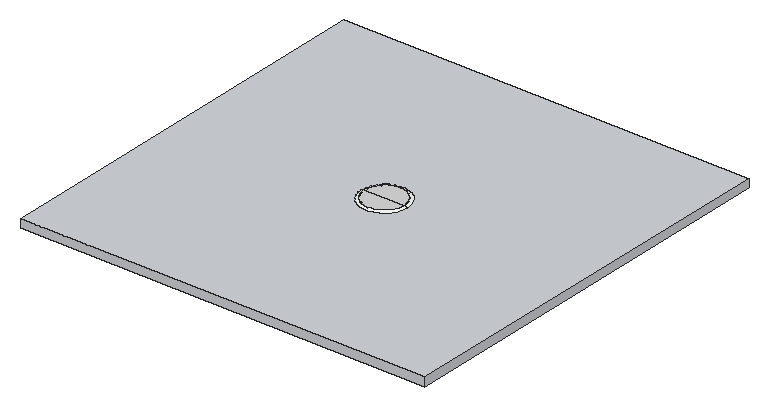
Revit family "Loudspeaker-Ceiling Mounted-Q-SYS-AD-6CT-High Power", category Communication Devices, host Face, Revit 2020
Family settings
  Host = Face
  Maintain Annotation Orientation = No
  Round Connector Dimension = Use Diameter
  Part Type = Normal
  OmniClass Number = 23.85.10.11.14.14.14
  OmniClass Title = Loudspeakers
  Cut with Voids When Loaded = No
  Shared = No
  Room Calculation Point = No
Parameters (values of type "White")
  Weight = 13.382 lbm
  Part Number = "AD-6CT"
  OmniClass Number = "23.85.10.11.14.14.14"
  Length 15 = 5.750"
  Length 11 = 0.57501"
  Length 10 = Length 7 * cos(Taper Angle)  # 0.99863"
  Length 9 = 0.59495"
  Length 8 = 0.76842"
  Length 7 = 1.000"
  Width = Grille Diameter  # 11.040"
  Weight Product = 6.07
  Weight Dimensional = 16.48
  Visibility 3 [instance] = Adjustable Tile Bridge  # no
  Visibility 2 [instance] = yes
  Unit Size = 16.2
  URL = "https://www.qsys.com"
  Type Comments = "White"
  Taper Angle = 3.00°
  Sustainability Rating = "n/a"
  Support Width = 25.300"
  Support Offset [instance] = 3.000"
  Support Material = Metal - Q-SYS - Steel
  Support Length = 25.570"
  Support Height [instance] = 1.260"  # constant formula
  Speaker Offset Label [instance] = Speaker Offset  # 0.000"
  Speaker Offset [instance] = 0.000"
  Sensitivity = 90
  SPL Max = 116
  Round Grille [instance] = 1 > 0  # yes
  Regulatory Compliance = "CE"
  Rail Width = 0.875"
  Product Page URL = "https://www.qsys.com/products-solutions/loudspeakers/installed/passive/ceiling-mount/acousticdesign-series/ad-c6t-hp/"
  Product Documentation Link = "https://www.qsys.com/resource-files/productresources/spk/ad/ad-c6t-hp/q_spk_adc_c6t_hp_specsheet.pdf"
  Number of Bands = 1  # constant formula
  Model = "AD-C6T"
  Manufacturer URL = "https://www.qsys.com"
  Length 6 [instance] = Support Height  # 1.260"
  Impedance = 16
  IQ Category = "Loudspeaker"
  Height [instance] = Grille Height + Body Height + Clip Height  # 9.200"
  Grille Radius = Grille Diameter / 2  # 5.520"
  Offset = 0.000"
  Manufacturer = "Q-SYS"
  Length 4 = ATB Inside Radius + 0.800"  # 6.800"
  Length 3 [instance] = if(Speaker Offset < 0.000", 40.000" - abs(Speaker Offset Label), 40.000" + Speaker Offset Label)  # 40.000"
  Length 2 = 6.500"  # constant formula
  Length 1 = Body Diameter / 2 - 0.250"  # 4.450"
  Highlight Material = Fabric - Q-SYS - White Mesh
  Grille Height = 0.200"
  Grille Diameter = 11.040"
  Frequency Range = "58 Hz - 20 kHz"
  Description = "Ceiling-mount loudspeaker for higher SPL at standard ceiling heights"
  Default Elevation = 48.000"
  Coverage Vertical = 120.00°
  Coverage Horizontal = 120.00°
  Cover Radius = Cover Diameter / 2  # 4.750"
  Cover Material = Paint - Q-SYS - White
  Cover Diameter = 9.500"
  Clip Radius = Clip Diameter / 2  # 0.150"
  Clip Height = 0.400"
  Clip Diameter = 0.300"
  Body Radius = Body Diameter / 2  # 4.700"
  Body Material = Paint - Q-SYS - Black
  Body Height = 8.600"
  Body Diameter = 9.400"
  Assembly Code = "E1020300"
  Adjustable Tile Bridge [instance] = no
  ATB Inside Radius = ATB Inside Diameter / 2  # 6.000"
  ATB Inside Diameter = 12.000"
  70V Taps = "7.5 W, 15 W, 30 W, 60 W"
  100V Taps = "15 W, 30 W, 60 W"
Reference planes (in)
  plane 1 "Center (Front/Back)": y = 0
  plane 2: z = 0
  plane 3 "Center (Left/Right)": x = 0
  plane 4 "Left": x = -5.52
  plane 5 "Right": x = 5.52
  plane 6 "Front": y = -5.52
  plane 7 "Back": y = 5.52
  plane 8 "Bottom": z = 0.2
  plane 9 "Top": z = -9
  plane 10 "body left": x = -4.7
  plane 11 "body right": x = 4.7
  plane 12 "body front": y = -4.7
  plane 13 "body back": y = 4.7
  plane 14 "plate top": z = 0
  plane 15 "body top": z = -8.6
  plane 16: z = -0.75
  plane 17 "Speaker CL": x = 0
  plane 18 "pivot": x = -40
  plane 19 "support bottom": z = -3
  plane 20 "support top": z = -4.26
  plane 21 "support back": y = 12.65
  plane 22 "support back inside": y = 11.775
  plane 23 "support front": y = -12.65
  plane 24 "support front inside": y = -11.775
  plane 25 "support left": x = -12.785
  plane 26 "support right": x = 12.785
  plane 27: z = -3.1
  plane 28: x = 0
  plane 29 "2d bottom": z = 0.1
  plane 30: z = -3.2
Forms (in)
  Extrusion 1, solid
    sketch origin (0, 0, 0) x (1, 0, 0) y (0, 1, 0)
      loop
        line (-48, 48) -> (-48, -48) -> (48, -48) -> (48, 48) -> (-48, 48)
    from 0 to -2
  Revolve 2, solid, material "Paint - Q-SYS - Black" <- "Body Material", visible <- "Visibility 2", detail levels medium+fine
    sketch origin (0, 0, 0) x (1, 0, 0) y (0, 0, 1)
      loop
        line (0, -8.6) -> (0, 0) -> (-4.7, 0) -> (-4.7, -8.6) -> (0, -8.6)
      axis (0, 0) -> (0, -8.6)
    angle from 0 to 360
  Extrusion 3, solid, material "Paint - Q-SYS - Black" <- "Body Material", visible <- "Visibility 2", detail levels fine
    sketch origin (0, 0, 0) x (1, 0, 0) y (0, 0, 1)
      loop
        arc (-0.15, -8.85) -> (0, -9) -> (0.15, -8.85) r 0.15
        line (0.15, -8.85) -> (0.15, -8.6) -> (-0.15, -8.6) -> (-0.15, -8.85)
    from -3.66 to -3.71
  Extrusion 4, void
    sketch origin (0, 0, 0) x (1, 0, 0) y (0, 1, 0)
      loop
        line (-6.5, 3.71) -> (0, -7.54833) -> (6.5, 3.71) -> (-6.5, 3.71)
      loop
        circle (0, 0) r 9.4
    from -8.6 to 0
  Extrusion 5, solid, material "Metal - Q-SYS - Steel" <- "Support Material", visible <- "Adjustable Tile Bridge", detail levels medium+fine
    sketch origin (0, 0, 0) x (0, 1, 0) y (0, 0, 1)
      loop
        line (-12.65, -3) -> (-12.65, -4.26) -> (-12.55, -4.26) -> (-12.55, -3.1) -> (-11.775, -3.1) -> (-11.775, -3) -> (-12.65, -3)
      loop
        line (12.65, -3) -> (11.775, -3) -> (11.775, -3.1) -> (12.55, -3.1) -> (12.55, -4.26) -> (12.65, -4.26) -> (12.65, -3)
    from -12.785 to 12.785
  Extrusion 6, solid, material "Metal - Q-SYS - Steel" <- "Support Material", visible <- "Adjustable Tile Bridge", detail levels medium+fine
    sketch origin (0, 0, -3) x (0, 1, 0) y (-1, 0, 0)
      loop
        circle (0, 0) r 6
      loop
        arc (6.72607, 1) -> (0, 6.8) -> (-6.72607, 1) r 6.8
        line (-6.72607, 1) -> (-12.55, 1) -> (-12.55, -1) -> (-6.72607, -1)
        arc (-6.72607, -1) -> (0, -6.8) -> (6.72607, -1) r 6.8
        line (6.72607, -1) -> (12.55, -1) -> (12.55, 1) -> (6.72607, 1)
    from -0.2 to -0.1
  Extrusion 7, solid, material "Metal - Q-SYS - Steel" <- "Support Material", visible <- "Adjustable Tile Bridge", detail levels fine
    sketch origin (0, 0, -3) x (0, 1, 0) y (-1, 0, 0)
      loop
        line (12.55, 1) -> (12.45, 1) -> (12.45, -1) -> (12.55, -1) -> (12.55, 1)
      loop
        line (-12.45, 1) -> (-12.55, 1) -> (-12.55, -1) -> (-12.45, -1) -> (-12.45, 1)
    from -1.26 to -0.2
  Extrusion 8, void
    sketch origin (0, 0, -3) x (0, 1, 0) y (-1, 0, 0)
      loop
        circle (0, 0) r 4.7
    from -6 to 3.2
  Revolve 9, solid, material "Paint - Q-SYS - White" <- "Cover Material", visible <- "Round Grille", detail levels medium+fine
    sketch origin (0, 0, 0) x (1, 0, 0) y (0, 0, 1)
      loop
        line (0, 0.2) -> (-4.75, 0.2) -> (-5.52, 0) -> (0, 0) -> (0, 0.2)
      axis (0, 0.2) -> (0, 0)
    angle from 0 to 360
  Revolve 10, solid, detail levels coarse
    sketch origin (0, 0, 0) x (1, 0, 0) y (0, 0, 1)
      loop
        line (-4.75, 0.2) -> (-5.52, 0) -> (-4.7, 0) -> (-4.7, -9) -> (0, -9) -> (0, 0.2) -> (-4.75, 0.2)
      axis (0, 0.2) -> (0, -9)
    angle from 0 to 360
Cuts and joins
  Extrusion 4 cuts Revolve 2
Lines and regions (in)
  Masking region 1, visible <- "Round Grille", detail levels medium+fine
    outline origin (0, 0, 0.1) x (-1, 0, 0) y (0, -1, 0)
      loop
        circle (0, 0) r 5.52
  Masking region 2, visible <- "Adjustable Tile Bridge", detail levels medium+fine
    outline origin (0, 0, -4.26) x (0, 1, 0) y (-1, 0, 0)
      loop
        arc (6.72607, 1) -> (0, 6.8) -> (-6.72607, 1) r 6.8
        line (-6.72607, 1) -> (-12.55, 1) -> (-12.55, -1) -> (-6.72607, -1)
        arc (-6.72607, -1) -> (0, -6.8) -> (6.72607, -1) r 6.8
        line (6.72607, -1) -> (12.55, -1) -> (12.55, 1) -> (6.72607, 1)
      loop
        circle (0, 0) r 6
  Masking region 3, detail levels medium+fine
    outline origin (0, 0, -8.6) x (-1, 0, 0) y (0, -1, 0)
      loop
        circle (0, 0) r 4.7
  Masking region 4, visible <- "Adjustable Tile Bridge", detail levels medium+fine
    outline origin (0, 0, -3) x (0, 1, 0) y (-1, 0, 0)
      loop
        line (12.65, 12.785) -> (11.775, 12.785) -> (11.775, -12.785) -> (12.65, -12.785) -> (12.65, 12.785)
      loop
        line (-11.775, 12.785) -> (-12.65, 12.785) -> (-12.65, -12.785) -> (-11.775, -12.785) -> (-11.775, 12.785)
  Masking region 5
    outline origin (0, 0, 0) x (1, 0, 0) y (0, 0, 1)
      loop
        line (-4.75, 0.2) -> (-5.52, 0) -> (-4.7, 0) -> (-4.7, -8.6) -> (4.7, -8.6) -> (4.7, 0) -> (5.52, 0) -> (4.75, 0.2) -> (-4.75, 0.2)
  Masking region 6, visible <- "Visibility 2", detail levels fine
    outline origin (0, 0, 0) x (1, 0, 0) y (0, 0, 1)
      loop
        line (0.15, -8.85) -> (0.15, -8.6) -> (-0.15, -8.6) -> (-0.15, -8.85)
        arc (-0.15, -8.85) -> (0, -9) -> (0.15, -8.85) r 0.15
  Masking region 7, visible <- "Visibility 3", detail levels medium+fine
    outline origin (0, 0, 0) x (1, 0, 0) y (0, 0, 1)
      loop
        line (-12.785, -3) -> (-12.785, -4.26) -> (12.785, -4.26) -> (12.785, -3) -> (-12.785, -3)
  Masking region 8
    outline origin (0, 0, 0) x (0, 1, 0) y (0, 0, 1)
      loop
        line (4.75, 0.2) -> (-4.75, 0.2) -> (-5.52, 0) -> (-4.7, 0) -> (-4.7, -8.6) -> (3.71, -8.6) -> (3.71, 0) -> (5.52, 0) -> (4.75, 0.2)
  Masking region 9, visible <- "Adjustable Tile Bridge", detail levels medium+fine
    outline origin (0, 0, 0) x (0, 1, 0) y (0, 0, 1)
      loop
        line (12.65, -3) -> (11.775, -3) -> (11.775, -3.1) -> (-11.775, -3.1) -> (-11.775, -3) -> (-12.65, -3) -> (-12.65, -4.26) -> (-12.45, -4.26) -> (-12.45, -3.2) -> (12.45, -3.2) -> (12.45, -4.26) -> (12.65, -4.26) -> (12.65, -3)
  Masking region 10, visible <- "Visibility 2", detail levels fine
    outline origin (0, 0, 0) x (0, 1, 0) y (0, 0, 1)
      loop
        line (3.66, -8.6) -> (3.66, -9) -> (3.71, -9) -> (3.71, -8.6) -> (3.66, -8.6)
  symbolic lines, style "Outline", visible <- "Round Grille", detail levels medium+fine
    curve 1: circle (0, 0, 0.2) r 4.75 normal (0, 0, 1)
  symbolic lines, style "Support", visible <- "Adjustable Tile Bridge", detail levels medium+fine
    curve 2: line (-12.785, -12.55, -8.6) -> (12.785, -12.55, -8.6)
    curve 3: line (-12.785, 12.55, -8.6) -> (12.785, 12.55, -8.6)
    curve 10: line (-12.785, 0, -3.1) -> (12.785, 0, -3.1)
    curve 13: line (0, 11.775, -3.1) -> (0, 12.55, -3.1)
    curve 14: line (0, 12.55, -3.1) -> (0, 12.55, -4.26)
    curve 15: line (0, -12.55, -4.26) -> (0, -12.55, -3.1)
    curve 16: line (0, -12.55, -3.1) -> (0, -11.775, -3.1)
  symbolic lines, style "Support", visible <- "Adjustable Tile Bridge", detail levels fine
    curve 4: line (-1, 12.45, -8.6) -> (1, 12.45, -8.6)
    curve 5: line (-1, -12.45, -8.6) -> (1, -12.45, -8.6)
  symbolic lines, style "Detail", visible <- "Visibility 2", detail levels fine
    curve 6: line (0.15, 3.71, -9) -> (0.15, 3.66, -9)
    curve 7: line (0.15, 3.66, -9) -> (-0.15, 3.66, -9)
    curve 8: line (-0.15, 3.66, -9) -> (-0.15, 3.71, -9)
    curve 9: line (-0.15, 3.71, -9) -> (0.15, 3.71, -9)
  symbolic lines, style "Support", visible <- "Adjustable Tile Bridge"
    curve 11: line (0, 6.72607, -3.1) -> (0, 6.72607, -3.2)
    curve 12: line (0, -6.72607, -3.2) -> (0, -6.72607, -3.1)
    curve 25: line (0, 5.82, -3.1) -> (0, 5.82, -3.2)
    curve 26: line (0, -5.82, -3.2) -> (0, -5.82, -3.1)
  symbolic lines, style "Outline", detail levels medium+fine
    curve 17: line (4.66903, 0.53867, -9) -> (1.86802, -4.31283, -9)
    curve 18: line (-2.88546, 3.71, -9) -> (2.88546, 3.71, -9)
    curve 19: line (-1.86802, -4.31283, -9) -> (-4.66903, 0.53867, -9)
    curve 20: line (-1.86802, -4.7, 0) -> (-1.86802, -4.7, -8.6)
    curve 21: line (1.86802, -4.7, -8.6) -> (1.86802, -4.7, 0)
    curve 22: line (-2.88546, 4.7, 0) -> (-2.88546, 4.7, -8.6)
    curve 23: line (2.88546, 4.7, -8.6) -> (2.88546, 4.7, 0)
    curve 24: line (0, -4.31283, 0) -> (0, -4.31283, -8.6)
  symbolic lines, style "Outline"
    curve 27: line (-4.7, 0, 0) -> (4.7, 0, 0)
    curve 28: line (0, 3.71, 0) -> (0, -4.7, 0)
Dimensions and locks (in)
  equal spacing: plane 4 "Left", plane 17 "Speaker CL", plane 5 "Right"
  "Width": plane 4 "Left" to plane 5 "Right"
  equal spacing: plane 7 "Back", plane 1 "Center (Front/Back)", plane 6 "Front"
  "Width": plane 7 "Back" to plane 6 "Front"
  "Height": plane 8 "Bottom" to plane 9 "Top"
  equal spacing: plane 10 "body left", plane 17 "Speaker CL", plane 11 "body right"
  "Body Diameter": plane 10 "body left" to plane 11 "body right"
  equal spacing: plane 13 "body back", plane 1 "Center (Front/Back)", plane 12 "body front"
  "Body Diameter": plane 13 "body back" to plane 12 "body front"
  "Grille Height": plane 8 "Bottom" to plane 14 "plate top"
  "Body Height": plane 14 "plate top" to plane 15 "body top"
  "Clip Radius": Extrusion 3 sketch curve to plane 9 "Top"
  locked: plane 14 "plate top" to plane 16 at 0.75
  "Offset": plane 14 "plate top" to level
  locked: plane 18 "pivot" to plane 3 "Center (Left/Right)" at 40
  "Length 3": plane 18 "pivot" to plane 17 "Speaker CL"
  "Rail Width": plane 21 "support back" to plane 22 "support back inside"
  "Rail Width": plane 23 "support front" to plane 24 "support front inside"
  equal spacing: plane 21 "support back", plane 1 "Center (Front/Back)", plane 23 "support front"
  "Support Width": plane 21 "support back" to plane 23 "support front"
  equal spacing: plane 25 "support left", plane 3 "Center (Left/Right)", plane 26 "support right"
  "Support Length": plane 25 "support left" to plane 26 "support right"
  "Support Height": plane 19 "support bottom" to plane 20 "support top"
  equal spacing: Extrusion 6 sketch curve, plane 17 "Speaker CL", Extrusion 6 sketch curve
  locked: Extrusion 6 sketch curve to plane 17 "Speaker CL" at 1
  locked: Extrusion 7 sketch curve to Extrusion 7 sketch curve at 0.1  (x2)
  locked: Extrusion 7 sketch curve to plane 17 "Speaker CL" at 1
  plane 17 "Speaker CL" to Extrusion 7 sketch curve = 1.000"
  locked: plane 17 "Speaker CL" to Extrusion 7 sketch curve at 1
  "Support Offset": plane 14 "plate top" to plane 19 "support bottom"
  locked: plane 19 "support bottom" to plane 27 at 0.1
  "Cover Radius": Revolve 9 sketch curve to Revolve 9 sketch curve
  locked: plane 8 "Bottom" to plane 29 "2d bottom" at 0.1
  locked: curve 3 to plane 21 "support back" at 0.1
  locked: plane 23 "support front" to curve 2 at 0.1
  locked: curve 4 to Masking region 2 at 0.1
  locked: Masking region 2 to curve 5 at 0.1
  "Cover Radius": plane 17 "Speaker CL" to Masking region 5 sketch curve
  "Cover Radius": Masking region 5 sketch curve to plane 17 "Speaker CL"
  "Length 6": Masking region 7 sketch curve to Masking region 7 sketch curve
  "Cover Radius": plane 1 "Center (Front/Back)" to Masking region 8 sketch curve
  locked: Extrusion 5 sketch curve to Extrusion 5 sketch curve at 0.1  (x4)
  locked: plane 27 to plane 30 at 0.1
  locked: Extrusion 7 sketch curve to plane 21 "support back" at 0.1
  locked: Extrusion 7 sketch curve to plane 23 "support front" at 0.1
  locked: Extrusion 4 sketch curve to plane 13 "body back" at 0.99
  "Length 2": Extrusion 4 sketch curve to plane 17 "Speaker CL"
  "Length 2": plane 17 "Speaker CL" to Extrusion 4 sketch curve
  "Clip Radius": radius of Extrusion 3 sketch curve
  "ATB Inside Radius": radius of Extrusion 6 sketch curve
  "Length 4": radius of Extrusion 6 sketch curve
  "Body Radius": radius of Extrusion 8 sketch curve
  "Grille Radius": radius of Masking region 1 sketch curve
  "Cover Radius": radius of curve 1
  "Body Radius": radius of Masking region 3 sketch curve
  "Body Diameter": radius of Extrusion 4 sketch curve
  locked: Extrusion 4 sketch curve to Extrusion 4 sketch curve (angle 60.00°)  (x2)
  aligned and locked: plane 2 to Extrusion 1
  aligned and locked: level to Extrusion 1
  aligned and locked: plane 15 "body top" to Revolve 2 sketch curve
  aligned and locked: plane 15 "body top" to Extrusion 3 sketch curve
  aligned and locked: Extrusion 4 to plane 15 "body top"
  aligned and locked: Revolve 2 sketch curve to plane 17 "Speaker CL"
  aligned and locked: plane 17 "Speaker CL" to Extrusion 3 sketch curve
  aligned and locked: Extrusion 5 to plane 25 "support left"
  aligned and locked: plane 26 "support right" to Extrusion 5
  aligned and locked: plane 17 "Speaker CL" to Extrusion 6 sketch curve  (x2)
  aligned and locked: plane 1 "Center (Front/Back)" to Extrusion 6 sketch curve  (x2)
  aligned and locked: Extrusion 6 sketch curve to Extrusion 6 sketch curve  (x3)
  aligned and locked: plane 27 to Extrusion 6
  aligned and locked: Extrusion 7 sketch curve to Extrusion 7 sketch curve
  aligned and locked: Extrusion 7 to plane 20 "support top"
  aligned and locked: plane 17 "Speaker CL" to Extrusion 8 sketch curve
  aligned and locked: plane 1 "Center (Front/Back)" to Extrusion 8 sketch curve
  aligned and locked: Extrusion 8 to plane 9 "Top"
  aligned and locked: plane 8 "Bottom" to Extrusion 8
  aligned and locked: Revolve 2 sketch curve to Revolve 2 sketch curve
  aligned and locked: plane 10 "body left" to Revolve 2 sketch curve
  aligned and locked: Revolve 9 sketch curve to plane 17 "Speaker CL"
  aligned and locked: plane 8 "Bottom" to Revolve 9 sketch curve
  aligned and locked: plane 14 "plate top" to Revolve 9 sketch curve
  aligned and locked: Revolve 9 sketch curve to Revolve 9 sketch curve
  aligned and locked: plane 4 "Left" to Revolve 9 sketch curve
  aligned and locked: plane 17 "Speaker CL" to plane 28
  aligned and locked: plane 17 "Speaker CL" to Masking region 1 sketch curve
  aligned and locked: plane 1 "Center (Front/Back)" to Masking region 1 sketch curve
  aligned and locked: plane 17 "Speaker CL" to curve 1
  aligned and locked: plane 1 "Center (Front/Back)" to curve 1
  aligned and locked: Masking region 2 sketch curve to Extrusion 6  (x7)
  aligned and locked: Extrusion 6 to Masking region 2 sketch curve  (x2)
  aligned and locked: plane 17 "Speaker CL" to Masking region 3 sketch curve
  aligned and locked: plane 1 "Center (Front/Back)" to Masking region 3 sketch curve
  aligned and locked: plane 25 "support left" to curve 3
  aligned and locked: plane 25 "support left" to curve 2
  aligned and locked: plane 26 "support right" to curve 3
  aligned and locked: plane 26 "support right" to curve 2
  aligned and locked: Masking region 2 to curve 4
  aligned and locked: Masking region 2 to curve 5  (x2)
  aligned and locked: Masking region 4 sketch curve to Extrusion 5  (x4)
  aligned and locked: Extrusion 3 to curve 6
  aligned and locked: curve 7 to Extrusion 3
  aligned and locked: Extrusion 3 to curve 8
  aligned and locked: curve 9 to Extrusion 3
  aligned and locked: Masking region 5 sketch curve to plane 8 "Bottom"
  aligned and locked: plane 5 "Right" to Masking region 5 sketch curve
  aligned and locked: plane 4 "Left" to Masking region 5 sketch curve
  aligned and locked: plane 14 "plate top" to Masking region 5 sketch curve
  aligned and locked: Masking region 5 sketch curve to plane 14 "plate top"
  aligned and locked: plane 10 "body left" to Masking region 5 sketch curve
  aligned and locked: plane 11 "body right" to Masking region 5 sketch curve
  aligned and locked: Masking region 5 sketch curve to plane 15 "body top"
  aligned and locked: Masking region 6 sketch curve to Extrusion 3  (x3)
  aligned and locked: Masking region 7 sketch curve to plane 19 "support bottom"
  aligned and locked: plane 25 "support left" to Masking region 7 sketch curve
  aligned and locked: Masking region 7 sketch curve to plane 26 "support right"
  aligned and locked: Masking region 8 sketch curve to plane 8 "Bottom"
  aligned and locked: plane 14 "plate top" to Masking region 8 sketch curve
  aligned and locked: Masking region 8 sketch curve to plane 14 "plate top"
  aligned and locked: plane 12 "body front" to Masking region 8 sketch curve
  aligned and locked: plane 6 "Front" to Masking region 8 sketch curve
  aligned and locked: plane 7 "Back" to Masking region 8 sketch curve
  aligned and locked: Masking region 8 sketch curve to plane 15 "body top"
  aligned and locked: plane 19 "support bottom" to Masking region 9 sketch curve
  aligned and locked: plane 21 "support back" to Masking region 9 sketch curve
  aligned and locked: Masking region 9 sketch curve to plane 20 "support top"
  aligned and locked: plane 20 "support top" to Masking region 9 sketch curve
  aligned and locked: plane 23 "support front" to Masking region 9 sketch curve
  aligned and locked: Extrusion 6 to curve 11
  aligned and locked: Extrusion 6 to curve 12
  aligned and locked: Masking region 10 sketch curve to Extrusion 3  (x2)
  aligned and locked: plane 9 "Top" to Masking region 10 sketch curve
  aligned and locked: Masking region 10 sketch curve to plane 15 "body top"
  aligned and locked: plane 3 "Center (Left/Right)" to nested 1
  aligned and locked: plane 19 "support bottom" to Extrusion 5 sketch curve
  aligned and locked: plane 21 "support back" to Extrusion 5 sketch curve
  aligned and locked: Extrusion 5 sketch curve to plane 22 "support back inside"
  aligned and locked: plane 23 "support front" to Extrusion 5 sketch curve
  aligned and locked: Extrusion 5 sketch curve to plane 24 "support front inside"
  aligned and locked: Extrusion 6 to plane 30
  aligned and locked: plane 30 to Extrusion 7
  aligned and locked: Extrusion 6 sketch curve to Extrusion 7  (x2)
  aligned and locked: Masking region 9 sketch curve to Extrusion 7  (x2)
  aligned and locked: Masking region 9 sketch curve to plane 30
  aligned and locked: plane 27 to Masking region 9 sketch curve
  aligned and locked: Masking region 9 sketch curve to plane 24 "support front inside"
  aligned and locked: Masking region 9 sketch curve to plane 19 "support bottom"
  aligned and locked: plane 22 "support back inside" to Masking region 9 sketch curve
  aligned and locked: curve 13 to Extrusion 5
  aligned and locked: curve 14 to Extrusion 5
  aligned and locked: curve 15 to Extrusion 5
  aligned and locked: curve 16 to Extrusion 5
  aligned and locked: level to Extrusion 4
  aligned and locked: Extrusion 6 to curve 4
  aligned and locked: Revolve 10 sketch curve to plane 17 "Speaker CL"
  aligned and locked: Revolve 10 sketch curve to Masking region 5  (x2)
  aligned and locked: plane 9 "Top" to Revolve 10 sketch curve
  aligned and locked: Revolve 10 sketch curve to Revolve 10 sketch curve
  aligned and locked: plane 17 "Speaker CL" to Extrusion 4 sketch curve
  aligned and locked: plane 1 "Center (Front/Back)" to Extrusion 4 sketch curve
  aligned and locked: curve 17 to cut or joined group of Revolve 2, Extrusion 4
  aligned and locked: curve 18 to cut or joined group of Revolve 2, Extrusion 4
  aligned and locked: curve 19 to cut or joined group of Revolve 2, Extrusion 4
  aligned and locked: curve 20 to cut or joined group of Revolve 2, Extrusion 4
  aligned and locked: curve 21 to cut or joined group of Revolve 2, Extrusion 4
  aligned and locked: curve 22 to cut or joined group of Revolve 2, Extrusion 4
  aligned and locked: curve 23 to cut or joined group of Revolve 2, Extrusion 4
  aligned and locked: curve 24 to cut or joined group of Revolve 2, Extrusion 4
  aligned and locked: Masking region 8 sketch curve to cut or joined group of Revolve 2, Extrusion 4
  aligned and locked: Masking region 5 to curve 27  (x2)
  aligned and locked: curve 27 to Masking region 5
  aligned and locked: Masking region 8 to curve 28  (x2)
  aligned and locked: curve 28 to Masking region 8
Automatic sketch dimensions
  Extrusion 1 sketch curve to Extrusion 1 sketch curve = 96.000"  (x2)
  curve 10 to plane 25 "support left" = 0.000"
  curve 10 to plane 26 "support right" = 0.000"
  curve 10 to plane 27 = 0.000"
  Revolve 2 sketch curve to level = 0.000"
  Revolve 2 sketch curve to plane 9 "Top" = 1.9026"
  plane 8 "Bottom" to Revolve 2 sketch curve = 6.0474"
  Extrusion 5 sketch curve to plane 20 "support top" = 0.000"
  plane 20 "support top" to Extrusion 5 sketch curve = 0.000"
  Extrusion 5 sketch curve to plane 27 = 0.000"
  plane 15 "body top" to Revolve 9 sketch curve = 1.72199"
  Revolve 9 sketch curve to Revolve 9 sketch curve = 4.13199"
  plane 23 "support front" to Masking region 4 sketch curve = 0.000"
  plane 24 "support front inside" to Masking region 4 sketch curve = 0.000"
  Masking region 4 sketch curve to plane 22 "support back inside" = 0.000"
  Masking region 4 sketch curve to plane 21 "support back" = 0.000"
  plane 12 "body front" to curve 17 = 0.38717"
  curve 18 to plane 11 "body right" = 1.81454"
  curve 17 to plane 11 "body right" = 0.03097"
  plane 12 "body front" to curve 19 = 0.38717"
  plane 10 "body left" to curve 18 = 1.81454"
  plane 10 "body left" to curve 19 = 0.03097"
  plane 13 "body back" to Masking region 8 sketch curve = 0.050"
  Revolve 10 sketch curve to level = 0.000"
  Revolve 10 sketch curve to plane 8 "Bottom" = 0.000"
  Revolve 10 sketch curve to plane 9 "Top" = 2.54544"
  Revolve 10 sketch curve to Revolve 10 sketch curve = 5.65456"
  curve 20 to plane 15 "body top" = 0.000"
  curve 21 to plane 15 "body top" = 0.000"
  curve 21 to level = 0.000"
  curve 20 to level = 0.000"
  curve 22 to plane 15 "body top" = 0.000"
  curve 23 to plane 15 "body top" = 0.000"
  curve 16 to plane 24 "support front inside" = 0.000"
  curve 26 to plane 27 = 0.000"
  curve 26 to plane 30 = 0.000"
  curve 25 to plane 27 = 0.000"
  curve 25 to plane 30 = 0.000"
  curve 13 to plane 22 "support back inside" = 0.000"
  curve 24 to plane 15 "body top" = 0.000"
  plane 20 "support top" to curve 14 = 0.000"
  curve 15 to plane 20 "support top" = 0.000"
  curve 12 to plane 30 = 0.000"
  curve 11 to plane 30 = 0.000"
  curve 12 to plane 27 = 0.000"
  curve 11 to plane 27 = 0.000"
  curve 26 to plane 6 "Front" = 0.300"
  plane 7 "Back" to curve 25 = 0.300"
  curve 23 to level = 0.000"
  curve 22 to level = 0.000"
Nested families (in)
  nested 1: "Speaker_Symbol_Face_Based" at (0, 0, 0), type "Speaker Symbol", detail levels coarse
    with Wall Mounted no, Symbol Y Offset 0.000", Symbol X Offset 0.000", Length 2 100.000", Length 1 100.000"
Connectors (in)
  cabletrayconduit at (0, 0, -8.6), diameter 0.9
    settings: on cut or joined group of Revolve 2, Extrusion 4, index 1, connector width 12.000", connector height 12.000", connector angle 0.00°, system type 32, placement type 0, profile type 0, connector reference index -1, is primary connector yes, connector utility param no, connector description "Conduit"
Definition of nested family "Speaker_Symbol_Face_Based"
  Parameters
    Wall Mounted [instance] = no
    Symbol Y Offset [instance] = 0.000"
    Symbol X Offset [instance] = 0.000"
    Length 2 [instance] = 100.000" + Symbol Y Offset  # 100.000"
    Length 1 [instance] = Symbol X Offset + 100.000"  # 100.000"
    Default Elevation = 48.000"
  Reference planes (in)
    plane 1 "Center (Front/Back)": y = 0
    plane 2: z = 0
    plane 3 "Center (Left/Right)": x = 0
    plane 4 "pivot x": x = -100
    plane 5 "symbol x cl": x = 0
    plane 6 "pivot y": y = -100
    plane 7 "symbol y cl": y = 0
  Forms (in)
    Extrusion 1, solid
      sketch origin (0, 0, 0) x (1, 0, 0) y (0, 1, 0)
        loop
          line (-48, 48) -> (-48, -48) -> (48, -48) -> (48, 48) -> (-48, 48)
      from 0 to -12
  Dimensions and locks (in)
    locked: plane 4 "pivot x" to plane 3 "Center (Left/Right)" at 100
    "Length 1": plane 4 "pivot x" to plane 5 "symbol x cl"
    locked: plane 1 "Center (Front/Back)" to plane 6 "pivot y" at 100
    "Length 2": plane 7 "symbol y cl" to plane 6 "pivot y"
    aligned and locked: plane 2 to Extrusion 1
    aligned and locked: level to Extrusion 1
    aligned and locked: plane 5 "symbol x cl" to nested 1
    aligned and locked: nested 1 to plane 7 "symbol y cl"
  Automatic sketch dimensions
    Extrusion 1 sketch curve to Extrusion 1 sketch curve = 96.000"  (x2)
  Nested families (in)
    nested 1: "Speaker_Symbol" at (0, 0, 0), Wall Mounted <- "Wall Mounted", type "S"
      with Wall Mounted no, Not Wall Mounted yes, Length 1 0.000"
  Definition of nested family "Speaker_Symbol"
    Parameters
      Wall Mounted [instance] = yes
      Symbol Text = "SP"
      Symbol Radius = 0.1875"
      Not Wall Mounted [instance] = not(Wall Mounted)  # no
      Length 1 [instance] = if(Wall Mounted, 0.250", 0.000")  # 0.250"
    Reference planes (in)
      plane 1: y = 0
      plane 2: x = 0
    Lines and regions (in)
      Masking region 1
        outline origin (0, 0, 0) x (1, 0, 0) y (0, 1, 0)
          loop
            circle (0, 0.25) r 0.1875
      detail lines, visible <- "Wall Mounted"
        curve 1: line (-0.125, 0, 0) -> (0.125, 0, 0)
        curve 2: line (0, 0, 0) -> (0, 0.0625, 0)
    Text (in)
      label "S" at (0.00112, 0.31502, 0), shows "Symbol Text", visible <- "Wall Mounted"
      label "S" at (0.00112, 0.07558, 0), shows "Symbol Text", visible <- "Not Wall Mounted"
    Dimensions and locks (in)
      "Length 1": plane 1 to Masking region 1 sketch curve
      "Symbol Radius": radius of Masking region 1 sketch curve
      aligned and locked: plane 2 to Masking region 1 sketch curve
      aligned and locked: curve 1 to curve 2
      aligned and locked: curve 2 to plane 2
      aligned and locked: plane 1 to curve 1
    Automatic sketch dimensions
      curve 1 to plane 2 = 0.125"
      plane 2 to curve 1 = 0.125"
      curve 2 to curve 2 = 0.0625"
